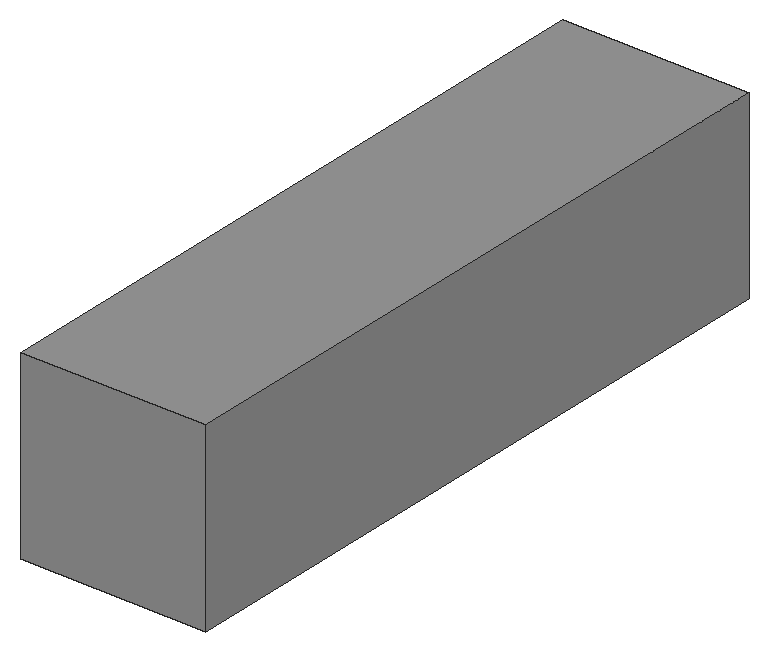
Revit family "PRE050013-FR", category Accessoire de canalisation, Revit 2017
Family settings
  Cote de connecteur circulaire = Utiliser le diamètre
  Type d'élément = Normal
  Basée sur le plan de construction = Non
  Toujours verticalement = Oui
  Couper avec des vides une fois chargée = Non
  Partagée = Non
Parameters (values of type "52041 PRESTO ROBINET ELECTRONIQUE MURAL PRESTORIZON PILE TOUT INTEGRE")
  Variantes = "52041"
  Garantie = "3"
  URL Fabricant = "http://www.prestodatashare.com/centretelechargement/index.php?lang=FR&refs=52041"
  URL = "http://www.prestodatashare.com/centretelechargement/index.php?lang=FR&refs=52041"
  Lien notice d'utilisation = "http://www.prestodatashare.com/centretelechargement/support.php?lang=FR&ref=52041"
  Lien fiche produit = "http://www.prestodatashare.com/espacedoc/Fiches_Techniques/FR/52041.pdf"
  Reference = "52041"
  Pression = "1 à 5 bars"
  Polantis code = "PRE050013-FR"
  Perte de charge = 0.0 Pa
  Profondeur = 220 mm
  Modèle = "52041 PRESTO ROBINET ELECTRONIQUE MURAL PRESTORIZON PILE TOUT INTEGRE"
  Matériau = Laiton poli chromé
  Lien CCTP = "http://www.prestodatashare.com/centretelechargement/index.php?lang=FR&refs=52041"
  Largeur = 60 mm
  HC = 30 mm
  Hauteur = 60 mm
  Fonction = "Pression d'utilisation recommandée :\r\n- 1 à 5 bars\r\n\r\nDébit :\r\n- 3 l/mn par régulateur de débit intégré\r\n- Aérateur anti-tartre haute qualité\r\n\r\nAlimentation hydraulique :\r\n- G 1/2'' (15x21)\r\n- 1 électrovanne 1/2'' intégrée dans le corps du robinet\r\n\r\nAlimentation électrique :\r\n- Pile lithium 9 volts intégrée dans le corps du robinet\r\n\r\nMatière et couleur de finition :\r\n- Corps en laiton avec finition chromée\r\n- Longueur de bec : 220 mm\r\n- Saillie : 205 mm\r\n- Diamètre du tube: 45 mm\r\n- Diamètre de la rosace: 60 mm\r\n\r\nRésistance thermique :\r\n- Ce robinet résiste à une température maximale de 65°C\r\n\r\nSécurité :\r\n- Fermeture automatique de l'électrovanne en cas d'écoulement > à 30s\r\n- Ecoulement automatique de 45 secondes, 24 heures après la dernière utilisation\r\n\r\nInstallation:\r\n- Murale\r\n\r\nLivré avec :\r\n- 1 Ecrou de fixation, 1 joint et une rondelle\r\n- 1 rosace de fixation murale\r\n- 1 Autocollant de signalisation et 1 notice d'installation\r\n\r\nNormes / Agréments :\r\n- ACS et CE\r\n\r\nATTENTION :\r\n- Pour un bon fonctionnement, éviter d'installer le produit face à des surfaces réfléchissantes\r\n- Ne pas utiliser de bonde métallique\r\n- Positionner le produit à 30 cm minimum du fond de la vasque\r\n- Le produit est livré avec les paramètres communiqués sur la fiche technique . Il est possible de modifier les paramètres à l'aide de la télécommande (réf. 90071)"
  Flux = 0.05 L/s
  Finition = "Corps en laiton avec finition chromée"
  Fabricant = "LES ROBINETS PRESTO S.A."
  Diamètre Nominal = 15 mm
  Description = "Robinet électronique mural pour lavabo, avec électronique intégrée de type Presto Prestorizon réf 52041 ou techniquement équivalent. Débit 3L/min par limiteur de débit intégré. Alimentation pile lithium 9V  et électrovanne ½’’intégrées dans le corps du robinet. Diamètre du tube 45 mm.Système antiblocage interdisant l’écoulement continu de plus de 30 secondes. Rinçage automatique de 45 secondes, toutes les 24h après la dernière utilisation."
  Debit = "3 l/min par limiteur de débit intégré\r\r\nAérateur anti-tartre haute qualité\r\r\nDispositif anti-coup de bélier"
  Raccordement = "G ½’’ (15x21)"
  Adresse = "7, RUE RACINE - 92542 MONTROUGE CEDEX FRANCE"
Reference planes
  plane 1 "Centre (avant/arrière)": y = 0
  plane 2: z = 0
  plane 3 "Centre (gauche/droite)": x = 0
  plane 4: y = -220
  plane 5: x = 60
  plane 6: z = 60
  plane 7: x = 30
  plane 8: z = 30
  plane 9: y = -25.5
  plane 10: z = 1
  plane 11: y = -1
Forms (mm)
  Extrusion 1, solid, material "Laiton poli chromé" <- "Matériau", detail levels fine
    sketch origin (0, 0, 0) x (1, 0, 0) y (0, 1, 0)
      loop
        line (0, 0) -> (0, -220) -> (60, -220) -> (60, 0) -> (0, 0)
    from 0 to 60
  Extrusion 2, solid, material "Laiton poli chromé" <- "Matériau", detail levels fine
    sketch origin (0, 0, 0) x (1, 0, 0) y (0, 0, 1)
      loop
        circle (30, 30) r 14
    from 0 to 1
Cuts and joins
  joined: Extrusion 1, Extrusion 2
Dimensions and locks
  "Profondeur": plane 1 "Centre (avant/arrière)" to plane 4
  "Largeur": plane 3 "Centre (gauche/droite)" to plane 5
  "Hauteur": plane 6 to level
  equal spacing: plane 3 "Centre (gauche/droite)", plane 7, plane 5
  "HC": plane 6 to plane 8
  plane 1 "Centre (avant/arrière)" to plane 9 = 25.5 mm
  locked: plane 10 to plane 2 at 1
  locked: plane 1 "Centre (avant/arrière)" to plane 11 at 1
  diameter of Extrusion 2 sketch curve = 28 mm
  aligned and locked: level to plane 2
  aligned and locked: plane 1 "Centre (avant/arrière)" to Extrusion 1 sketch curve
  aligned and locked: plane 3 "Centre (gauche/droite)" to Extrusion 1 sketch curve
  aligned and locked: plane 4 to Extrusion 1 sketch curve
  aligned and locked: plane 5 to Extrusion 1 sketch curve
  aligned and locked: plane 6 to Extrusion 1
  aligned and locked: Extrusion 2 to plane 11
  aligned and locked: Extrusion 2 to plane 1 "Centre (avant/arrière)"
  aligned and locked: plane 7 to nested 1
  aligned and locked: plane 1 "Centre (avant/arrière)" to nested 1
  aligned and locked: plane 8 to nested 1
  aligned and locked: nested 2 to plane 3 "Centre (gauche/droite)"
  aligned and locked: nested 2 to plane 4
Automatic sketch dimensions
  plane 7 to Extrusion 2 sketch curve = 0 mm
  Extrusion 2 sketch curve to plane 8 = 0 mm
Nested families
  nested 1: "Symbolique" at (0, -110, 0) x (0, 1, 0) z (0, 0, 1), type "Symbolique", detail levels coarse+medium
  nested 2: "S2D" at (60, -110, 0) x (0, 1, 0) z (0, 0, 1), type "S2D", detail levels coarse+medium
Connectors
  piping at (30, 0, 30), diameter 15, driven by "Flux", driven by "Perte de charge", driven by "Diamètre Nominal"
    settings: on Extrusion 2, index 2, connector inside diameter 609.6 mm, connector length 0 mm, flow factor 0, pipe flow 0.05 L/s, pressure drop 0.0 Pa, fitting loss kfactor 0, connector angle 0.00°, fixture units 0, engagement length 0 mm, angle of deflection 0.00°, flow configuration 0, flow direction 1, fitting loss method 4, system type 22, joint type 0, gender type 0, connector reference index -1, connector utility 0, adjustable connector no, is connector primary yes, connector description ""
Definition of nested family "Symbolique"
  Parameters (values of type "Symbolique")
    V = yes
    P = 1000 mm
    L = 1000 mm
    H = 1000 mm
  Reference planes
    plane 1 "Centre (avant/arrière)": y = 0
    plane 2: z = 0
    plane 3 "Centre (gauche/droite)": x = 0
    plane 4: y = -1000
    plane 5: x = -500
    plane 6: x = 500
    plane 7: z = 1000
    plane 8: z = 500
    plane 9: y = -500
  Lines and regions (mm)
    model lines, visible <- "V"
      curve 1: line (-500, -1000, 500) -> (-500, 0, 500)
      curve 2: line (500, -1000, 500) -> (500, 0, 500)
      curve 3: line (500, 0, 500) -> (-500, -1000, 500)
      curve 4: line (-500, 0, 500) -> (500, -1000, 500)
  Dimensions and locks
    "H": plane 7 to plane 2
    equal spacing: plane 5, plane 3 "Centre (gauche/droite)", plane 6
    "L": plane 5 to plane 6
    equal spacing: plane 7, plane 8, level
    equal spacing: plane 4, plane 9, plane 1 "Centre (avant/arrière)"
    "P": plane 1 "Centre (avant/arrière)" to plane 4
    aligned and locked: level to plane 2
  Automatic sketch dimensions
    plane 1 "Centre (avant/arrière)" to curve 3 = 0 mm
    curve 3 to plane 6 = 0 mm
    curve 3 to plane 4 = 0 mm
    curve 3 to plane 5 = 0 mm
    plane 1 "Centre (avant/arrière)" to curve 1 = 0 mm
    curve 2 to plane 4 = 0 mm
Definition of nested family "S2D"
  Parameters (values of type "S2D")
    P = 788.322 mm
    L = 1600 mm
    H = 1250.021 mm
  Reference planes
    plane 1 "Centre (avant/arrière)": y = 0
    plane 2: z = 0
    plane 3 "Centre (gauche/droite)": x = 0
    plane 4: y = 788.322
    plane 5: x = -800
    plane 6: x = 800
    plane 7: y = 394.161
    plane 8: z = 1250.021
    plane 9: z = 625.01
  Lines and regions (mm)
    symbolic lines
      curve 1: line (-800, 788.322, 0) -> (800, 0, 0)
      curve 2: line (800, 0, 0) -> (800, 788.322, 0)
      curve 3: line (800, 788.322, 0) -> (-800, 0, 0)
      curve 4: line (-800, 0, 0) -> (-800, 788.322, 0)
      curve 5: line (-800, 0, 0) -> (-800, 0, 1250.021)
      curve 6: line (-800, 0, 1250.021) -> (800, 0, 0)
      curve 7: line (800, 0, 0) -> (800, 0, 1250.021)
      curve 8: line (800, 0, 1250.021) -> (-800, 0, 0)
      curve 9: line (0, 0, 1250.021) -> (0, 0, 0)
      curve 10: line (0, 0, 0) -> (0, 788.322, 1250.021)
      curve 11: line (0, 788.322, 1250.021) -> (0, 788.322, 0)
      curve 12: line (0, 788.322, 0) -> (0, 0, 1250.021)
  Dimensions and locks
    equal spacing: plane 5, plane 3 "Centre (gauche/droite)", plane 6
    equal spacing: plane 1 "Centre (avant/arrière)", plane 7, plane 4
    "P": plane 1 "Centre (avant/arrière)" to plane 4
    "L": plane 5 to plane 6
    equal spacing: plane 8, plane 9, level
    "H": plane 8 to plane 2
    aligned and locked: level to plane 2
  Automatic sketch dimensions
    plane 1 "Centre (avant/arrière)" to curve 3 = 0 mm
    curve 1 to plane 4 = 0 mm
    curve 3 to plane 4 = 0 mm
    plane 1 "Centre (avant/arrière)" to curve 2 = 0 mm
    curve 3 to plane 6 = 0 mm
    curve 4 to plane 5 = 0 mm
    plane 5 to curve 5 = 0 mm
    curve 8 to level = 0 mm
    plane 6 to curve 8 = 0 mm
    curve 7 to level = 0 mm
    curve 8 to plane 8 = 0 mm
    curve 5 to plane 8 = 0 mm
    curve 11 to level = 0 mm
    curve 11 to plane 8 = 0 mm
    curve 9 to plane 8 = 0 mm
    curve 9 to plane 1 "Centre (avant/arrière)" = 0 mm
    curve 9 to level = 0 mm
    curve 11 to plane 4 = 0 mm
